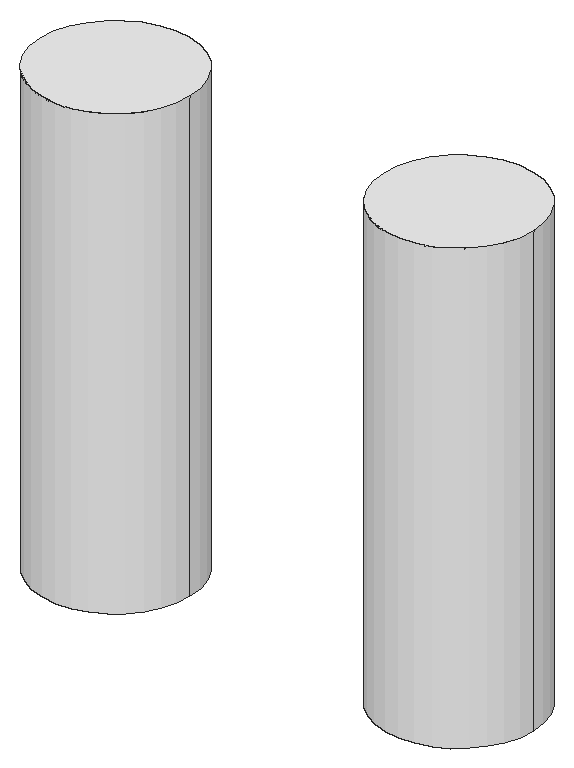
Revit family "56481103(2020)", category Plumbing Fixtures, Revit 2018
Family settings
  Round Connector Dimension = Use Diameter
  Part Type = Normal
  OmniClass Number = 23.45.55.00
  OmniClass Title = Sanitary Faucets, Wastes
  Work Plane-Based = No
  Always vertical = Yes
  Cut with Voids When Loaded = No
  Shared = No
  Room Calculation Point = No
Parameters (values of type "56481103 Kitchen faucet, low pressure ")
  Working Pressure = "50 - 500 kPa"
  WarrantyStartDate [instance] = "n/a"
  WarrantyGuarantorParts = "n/a"
  WarrantyGuarantorLabor = "n/a"
  WarrantyDurationUnit = "Year"
  WarrantyDurationParts = "n/a"
  WarrantyDurationLabor = "n/a"
  WarrantyDescription = "http://warranty.hansa.com"
  Warranty Information URL = "http://warranty.hansa.com"
  VersionDate = "01/07/2022"
  Version = "3"  # constant formula
  ValvePattern = "n/a"
  ValveOperation = "n/a"
  ValveMechanism = "n/a"
  Uniclass2015Reference = "Pr_40_20_87_96"
  Uniclass2015Description = "Washbasin manual water supply sets"
  Uniclass2 = "Pr_40_30_96_96"
  URL REACH = "http://static.hansa.com/doc/reach"
  URL Declaration of Conformity = "http://static.hansa.com/DoC/56481103"
  URL = ""
  UNSPSC Class Number = "30181700 Faucets or taps"
  TestPressure = "n/a"
  Temperature Adjustments = "Limitation option for maximum temperature and flow-rate ;Adjustable hot water stop (included, retrofittable)"
  Temperature = "Temperature limiter;Temperature limiter (retrofittable)"
  Technical DataSheet URL = "http://www.hansa.com/datasheet/56481103/en"
  TagNumber [instance] = "n/a"
  SustainabilityPerformance = "n/a"
  Surface treatment = "Chrome"
  Spout Type = "Swivel spout;Swivel range limiting option"
  Spout Swivel Range = "120°"
  Spout Projection = "215 mm"
  Spare-Part Information URL = "http://static.hansa.com/sp/56481103"
  Size = "50x255x170 mm"
  Shape = "Sculptured"
  SerialNumber [instance] = "n/a"
  Sales Package dimensions (LxWxH) = "754 x 334 x 63"
  Revision = "3"  # constant formula
  ReplacementCost = "n/a"
  ProductInformation = "n/a"
  Product URL = "http://static.hansa.com/56481103"
  Product Image URL = "http://static.hansa.com/image/56481103"
  Product Family = "HANSAPALENO "
  Product Code = "56481103"
  OperatingMechanismMaterial = "n/a"
  NominalWidth = 51 mm
  NominalHeight = 169 mm
  NominalDepth = 255 mm
  Noise Class = "I (ISO 3822)"
  Name_en = "56481103 Kitchen faucet, low pressure"
  Name = "56481103 Kitchen faucet, low pressure"
  NBSReference = "45-35-70/371"
  NBSDescription = "Water supply fittings for wash basins and troughs"
  Mounting Holes = "1 hole"
  ModelReference = "56481103"
  ModelNumber = "n/a"
  Model = "56481103 Kitchen faucet, low pressure"
  Mobile Product Information URL = "http://mpi.hansa.com/56481103"
  Mechanical Parts = "ø 35 mm ceramic cartridge for flow and temperature control"
  Max. Hot Water Supply = 70 °C
  Material = "Brass"
  Market = "International;Germany;Austria;Switzerland;France;Italy"
  ManufacturerURL = "http://www.hansa.com"
  ManufacturerName = "HANSA"
  Manufacturer = "HANSA"
  Lever Handle = "Hot/Cold symbols;Single operating lever/handle"
  Interactive AR View URL = "https://static.hansa.com/AR/56481103"
  InstallationDate [instance] = "n/a"
  Installation and Maintenance Guide URL = "http://static.hansa.com/manual/56481103"
  Installation Type = "Deck mounted"
  InletConnectionSize = 10 mm
  IfcExportType = "FAUCET"  # constant formula
  IfcExportAs = "IfcValveType"  # constant formula
  Group = "Kitchen faucet"
  Grade = "n/a"
  FlowCoefficient = 0
  Flow Rate At 300kPa = 0.12 L/s
  Flow Drawing URL = "http://static.hansa.com/flowchart/56481103"
  Finish = "Polished"
  Features = "Single-lever;Low pressure"
  FaucetMainMaterial = Brass
  FDV Document URL = "http://www.hansa.com/datasheet/56481103/en/fdv"
  ExpectedLife = "n/a"
  ETIM Class Number = "EC011431 Kitchen mixing tap"
  EN Standard = "EN 817"
  EAN Number = "4057304012389"
  DurationUnit = "Year"
  Dimension Drawing URL = "http://static.hansa.com/dimdrw/56481103"
  Description = ""
  DefaultElevation [instance] = 900 mm
  Constituents = "n/a"
  Connection Size = "G3/8"
  Connection = "Flexible inlet pipes"
  Color = "Chrome"
  CodePerformance = "n/a"
  CloseOffRating = 0
  Category = "Kitchen"
  Catalog Drawing URL = "http://static.hansa.com/catdrw/56481103"
  Brand = "HANSA"
  BodyMaterial = "Brass"
  Barcode [instance] = "n/a"
  Backflow Prevention EN1717 = "AA"
  BIMObjectName = "56481103(2020)"
  Author = "BIMStone"
  AssetType = "Fixed"
  AssetIdentifier [instance] = "n/a"
  Ambience photo = "http://static.hansa.com/ambience/56481103"
  Aerator = "Laminar stream;Standard aerator"
  Advanced Features = "Inner body made of DZR brass;3S-installation system for safe and simple mounting"
  AccessibilityPerformance = "n/a"
  3D View = "https://static.hansa.com/3D/56481103"
  2D/3D/BIM Files URL = "http://static.hansa.com/bim/56481103"
Reference planes
  plane 1 "Center (Front/Back)": y = 0
  plane 2: z = 0
  plane 3 "Center (Left/Right)": x = 0
  plane 4: x = -25.5
  plane 5: z = 1069
  plane 6: z = 900
  plane 7: z = 870
  plane 8: y = -255
  plane 9: x = 25.5
Forms (mm)
  Extrusion 1, solid, material "Brass" <- "FaucetMainMaterial"
    sketch origin (0, -2.614, 0) x (1, 0, 0) y (0, 1, 0)
      loop
        circle (-11.5, -22.5) r 5
      loop
        circle (11.5, -22.5) r 5
    from 870 to 900
Dimensions and locks
  "NominalHeight": plane 5 to plane 6
  "DefaultElevation": plane 6 to level
  locked: plane 6 to plane 7 at 30
  "NominalDepth": plane 8 to plane 1 "Center (Front/Back)"
  equal spacing: plane 4, plane 3 "Center (Left/Right)", plane 9
  "NominalWidth": plane 4 to plane 9
  "InletConnectionSize": diameter of Extrusion 1 sketch curve  (x2)
  aligned and locked: level to plane 2
  aligned and locked: plane 6 to Extrusion 1
  aligned and locked: Extrusion 1 to plane 7
  aligned and locked: nested 2 to plane 6
  aligned and locked: plane 3 "Center (Left/Right)" to nested 2
  aligned and locked: plane 3 "Center (Left/Right)" to nested 1
  aligned and locked: plane 1 "Center (Front/Back)" to nested 1
Automatic sketch dimensions
  Extrusion 1 sketch curve to plane 3 "Center (Left/Right)" = 11.5 mm
  plane 3 "Center (Left/Right)" to Extrusion 1 sketch curve = 11.5 mm
  plane 1 "Center (Front/Back)" to Extrusion 1 sketch curve = 25.114 mm
  Extrusion 1 sketch curve to Extrusion 1 sketch curve = 0 mm
Nested families
  nested 1: "Symbol" at (0, 0, 0), type "Symbol", detail levels coarse
  nested 2: "56481103_p" at (0, 0, 900), Material <- "FaucetMainMaterial", type "56481103_p"
    with Material Brass
Connectors
  piping at (-11.5, -25.114, 870), diameter 10, driven by "InletConnectionSize"
    settings: on Extrusion 1, index 1, connector inside diameter 609.6 mm, connector length 0 mm, flow factor 0, pipe flow 0.08 L/s, pressure drop 0.0 Pa, fitting loss kfactor 0, connector angle 0.00°, fixture units 0, engagement length 0 mm, angle of deflection 0.00°, flow configuration 1, flow direction 1, fitting loss method 0, system type 19, joint type 0, gender type 0, connector reference index -1, connector utility 0, adjustable connector no, is connector primary yes, connector description ""
  piping at (11.5, -25.114, 870), diameter 10, driven by "InletConnectionSize"
    settings: on Extrusion 1, index 2, connector inside diameter 609.6 mm, connector length 0 mm, flow factor 0, pipe flow 0.08 L/s, pressure drop 0.0 Pa, fitting loss kfactor 0, connector angle 0.00°, fixture units 0, engagement length 0 mm, angle of deflection 0.00°, flow configuration 1, flow direction 1, fitting loss method 0, system type 20, joint type 0, gender type 0, connector reference index -1, connector utility 0, adjustable connector no, is connector primary no, connector description ""
Definition of nested family "Symbol"
  Reference planes
    plane 1: y = 0
    plane 2: x = 0
  Lines and regions (mm)
    detail lines
      curve 1: line (0, 0, 0) -> (0, -1.8, 0)
      curve 2: line (-0.4, -1.1, 0) -> (0.4, -1.1, 0)
      curve 3: line (-0.4, -1.4, 0) -> (0.4, -1.4, 0)
      curve 4: line (0.863, 0, 0) -> (-0.863, 0, 0)
      curve 5: circle (-1.163, 0, 0) r 0.3 normal (0, 0, -1)
      curve 6: circle (1.163, 0, 0) r 0.3 normal (0, 0, 1)
Definition of nested family "56481103_p"
  Parameters (values of type "56481103_p")
    Material [instance] = none
  Reference planes
    plane 1 "Center (Front/Back)": y = 0
    plane 2: z = 0
    plane 3 "Center (Left/Right)": x = 0
  Forms (mm)
    Extrusion 1, solid, material <- "Material", detail levels coarse
      sketch origin (0, 0, -900) x (1, 0, 0) y (0, 1, 0)
        loop
          line (25.5, 0) -> (-25.5, 0) -> (-25.5, -255) -> (25.5, -255) -> (25.5, 0)
      from 900 to 1069
    Revolve 2, solid, material <- "Material", detail levels medium
      sketch origin (0, 0, 0) x (0, 1, 0) y (0, 0, 1)
        loop
          line (-25.5, 0) -> (0, 0) -> (0, 47.5) -> (-0.993, 123.96) -> (-2.721, 123.96)
          arc (-2.721, 123.96) -> (-3.769, 130.056) -> (-6.504, 135.604) r 21.584
          line (-6.504, 135.604) -> (-1.647, 137.869) -> (-4.456, 178.05) -> (-25.5, 178.05) -> (-25.5, 0)
        axis (-25.5, 0) -> (-25.5, 178.05)
      angle from 0 to 360
    Extrusion 3, void
      sketch origin (0, 0, 0) x (0, 1, 0) y (0, 0, 1)
        loop
          line (0, 181.8) -> (-238.453, 181.8) -> (0, 158.561) -> (0, 181.8)
      from 50 to -50
    Extrusion 4, solid, material <- "Material", detail levels medium
      sketch origin (0, 0, 0) x (0, 1, 0) y (0, 0, 1)
        loop
          line (-24.353, 160.934) -> (-66.863, 165.077)
          arc (-66.863, 165.077) -> (-89.016, 167.114) -> (-111.19, 168.909) r 2034.905
          arc (-111.19, 168.909) -> (-112.016, 168.7) -> (-112.549, 168.037) r 1.341
          arc (-112.549, 168.037) -> (-113.714, 162.728) -> (-113.384, 157.304) r 19.706
          arc (-113.384, 157.304) -> (-112.981, 156.601) -> (-112.238, 156.282) r 1.279
          line (-112.238, 156.282) -> (-24.353, 148.893) -> (-24.353, 160.934)
      from -6.884 to 7
    Extrusion 5, solid, material <- "Material", detail levels medium
      sketch origin (0, 0, 0) x (0, 1, 0) y (0, 0, 1)
        loop
          line (-33.571, 84.532) -> (-135.431, 132.03)
          arc (-135.431, 132.03) -> (-162.315, 142.283) -> (-190.393, 148.572) r 200
          line (-190.393, 148.572) -> (-248.818, 157.304)
          arc (-248.818, 157.304) -> (-251.086, 156.882) -> (-252.314, 154.93) r 2.875
          line (-252.314, 154.93) -> (-255, 137.009) -> (-252.234, 136.594) -> (-228.497, 133.037) -> (-225.321, 132.561) -> (-225.171, 133.561) -> (-193.277, 128.781)
          arc (-193.277, 128.781) -> (-168.045, 123.121) -> (-143.883, 113.904) r 180
          line (-143.883, 113.904) -> (-33.929, 62.631) -> (-33.571, 84.532)
      from 15 to -15
    Revolve 6, solid, material <- "Material", detail levels medium
      sketch origin (0, 0, 0) x (0, 1, 0) y (0, 0, 1)
        loop
          line (-241.031, 130.375) -> (-229.163, 128.596) -> (-227.868, 137.236) -> (-239.736, 139.015) -> (-241.031, 130.375)
        axis (-239.736, 139.015) -> (-241.031, 130.375)
      angle from 0 to 360
  Cuts and joins
    Extrusion 3 cuts Revolve 2
    joined: Revolve 2, Extrusion 4, Extrusion 5, Revolve 6
  Lines and regions (mm)
    symbolic lines, detail levels medium+fine
      curve 1: line (0, 0, 0) -> (0, -51, 0)
      curve 2: line (0, -51, 0) -> (0, -51, 47.5)
      curve 3: line (0, -50.702, 70.453) -> (0, -143.883, 113.904)
      curve 4: arc (0, -143.883, 113.904) -> (0, -168.045, 123.121) -> (0, -193.277, 128.781) r 180
      curve 5: line (0, -193.277, 128.781) -> (0, -225.171, 133.561)
      curve 6: line (0, -229.163, 128.596) -> (0, -228.497, 133.037)
      curve 7: line (0, -252.234, 136.594) -> (0, -252.899, 132.154)
      curve 8: line (0, -252.899, 132.154) -> (0, -229.163, 128.596)
      curve 10: line (0, -225.321, 132.561) -> (0, -225.171, 133.561)
      curve 11: line (0, -252.234, 136.594) -> (0, -255, 137.009)
      curve 12: line (0, -255, 137.009) -> (0, -252.314, 154.93)
      curve 13: arc (0, -252.314, 154.93) -> (0, -251.086, 156.882) -> (0, -248.818, 157.304) r 2.875
      curve 14: line (0, -248.818, 157.304) -> (0, -190.393, 148.572)
      curve 15: arc (0, -190.393, 148.572) -> (0, -162.315, 142.283) -> (0, -135.431, 132.03) r 200
      curve 16: line (0, -135.431, 132.03) -> (0, -54.465, 94.275)
      curve 17: arc (0, -54.465, 94.275) -> (0, -52.475, 93.474) -> (0, -50.41, 92.892) r 19.937
      curve 18: line (0, -50.007, 123.96) -> (0, -50.41, 92.892)
      curve 19: line (0, -50.702, 70.453) -> (0, -51, 47.5)
      curve 20: line (0, 0, 0) -> (0, 0, 47.5)
      curve 21: line (0, -0.993, 123.96) -> (0, 0, 47.5)
      curve 23: line (0, -228.497, 133.037) -> (0, -225.321, 132.561)
      curve 24: line (0, -0.993, 123.96) -> (0, -2.721, 123.96)
      curve 25: line (0, -49.846, 126.8) -> (0, -48.006, 126.8)
      curve 27: line (0, -48.304, 123.96) -> (0, -48.006, 126.8)
      curve 28: arc (0, -6.504, 135.604) -> (0, -3.769, 130.056) -> (0, -2.721, 123.96) r 21.584
      curve 29: line (0, -6.504, 135.604) -> (0, -1.968, 137.719)
      curve 31: line (0, -48.304, 123.96) -> (0, -50.007, 123.96)
      curve 33: line (25.5, 0, 0) -> (-25.5, 0, 0)
      curve 34: line (-25.5, 0, 0) -> (-25.5, 0, 47.56)
      curve 35: line (-25.5, 0, 47.56) -> (-24.495, 0, 123.96)
      curve 36: line (-24.362, 0, 126.797) -> (-22.506, 0, 126.797)
      curve 37: line (-24.495, 0, 123.96) -> (-22.754, 0, 123.96)
      curve 38: line (-24.362, 0, 126.797) -> (-24.362, 0, 159.425)
      curve 39: line (-22.506, 0, 126.797) -> (-22.754, 0, 123.96)
      curve 43: line (25.5, 0, 47.56) -> (24.495, 0, 123.96)
      curve 44: line (24.362, 0, 126.797) -> (22.506, 0, 126.797)
      curve 45: line (24.495, 0, 123.96) -> (22.754, 0, 123.96)
      curve 46: line (22.506, 0, 126.797) -> (22.754, 0, 123.96)
      curve 59: line (-15, -239.534, 0) -> (-15, -59.645, 0)
      curve 60: line (15, -239.534, 0) -> (15, -59.645, 0)
      curve 61: spline (-15, -239.534, 0) -> (-14.489, -243.537, 0) -> (-12.99, -247.267, 0) -> (-10.607, -250.47, 0) -> (-7.5, -252.928, 0) -> (-3.882, -254.473, 0) -> (0, -255, 0) -> (3.882, -254.473, 0) -> (7.5, -252.928, 0) -> (10.607, -250.47, 0) -> (12.99, -247.267, 0) -> (14.489, -243.537, 0) -> (15, -239.534, 0)
      curve 63: line (-15, -59.645, 0) -> (-15.824, -46.935, 0)
      curve 64: line (15, -59.645, 0) -> (15.824, -46.935, 0)
      curve 66: arc (20.377, -40.847, 0) -> (-0.397, -0.021, 0) -> (-19.855, -41.49, 0) r 25.494
      curve 72: line (25.5, 0, 0) -> (25.5, 0, 47.56)
      curve 73: arc (0, -1.968, 137.719) -> (0, -2.673, 147.695) -> (0, -3.725, 157.641) r 286.926
      curve 74: arc (0, -3.725, 157.641) -> (0, -4.361, 158.844) -> (0, -5.635, 159.321) r 1.914
      curve 75: arc (0, -5.635, 159.321) -> (0, -7.676, 159.362) -> (0, -9.712, 159.508) r 39.722
      curve 76: line (0, -9.712, 159.508) -> (0, -66.863, 165.077)
      curve 77: arc (0, -66.863, 165.077) -> (0, -89.016, 167.114) -> (0, -111.19, 168.909) r 2034.905
      curve 78: arc (0, -111.19, 168.909) -> (0, -112.016, 168.7) -> (0, -112.549, 168.037) r 1.341
      curve 79: arc (0, -112.549, 168.037) -> (0, -113.714, 162.728) -> (0, -113.384, 157.304) r 19.706
      curve 80: arc (0, -113.384, 157.304) -> (0, -112.981, 156.601) -> (0, -112.238, 156.282) r 1.279
      curve 81: line (0, -58.165, 151.736) -> (0, -112.238, 156.282)
      curve 82: arc (0, -58.165, 151.736) -> (0, -53.266, 149.408) -> (0, -51.115, 144.429) r 7.704
      curve 83: line (0, -51.115, 144.429) -> (0, -49.846, 126.8)
      curve 84: arc (-19.855, -41.49, 0) -> (-17.785, -44.172, 0) -> (-15.824, -46.935, 0) r 84.427
      curve 85: arc (20.377, -40.847, 0) -> (18.032, -43.84, 0) -> (15.824, -46.935, 0) r 84.427
      curve 96: arc (-24.362, 0, 159.425) -> (-23.949, 0, 160.642) -> (-22.882, 0, 161.356) r 1.999
      curve 97: arc (-22.882, 0, 161.356) -> (-15.145, 0, 163.149) -> (-7.302, 0, 164.402) r 114.564
      curve 98: arc (-6.706, 0, 167.144) -> (-7.042, 0, 165.781) -> (-7.302, 0, 164.402) r 25.706
      curve 99: arc (-6.706, 0, 167.144) -> (-6.123, 0, 168.093) -> (-5.123, 0, 168.583) r 2
      curve 104: line (24.362, 0, 126.797) -> (24.362, 0, 159.425)
      curve 105: arc (22.882, 0, 161.356) -> (15.145, 0, 163.149) -> (7.302, 0, 164.402) r 114.564
      curve 106: arc (6.706, 0, 167.144) -> (7.042, 0, 165.781) -> (7.302, 0, 164.402) r 25.706
      curve 107: arc (6.706, 0, 167.144) -> (6.123, 0, 168.093) -> (5.123, 0, 168.583) r 2
      curve 112: arc (-5.123, 0, 168.583) -> (0, 0, 169.029) -> (5.123, 0, 168.583) r 29.678
      curve 115: arc (24.362, 0, 159.425) -> (23.949, 0, 160.642) -> (22.882, 0, 161.356) r 1.999
    symbolic lines, detail levels fine
      curve 9: line (0, -252.234, 136.594) -> (0, -228.497, 133.037)
      curve 22: line (0, 0, 47.5) -> (0, -51, 47.5)
      curve 26: line (0, -25.383, 126.8) -> (0, -6.504, 135.604)
      curve 30: line (0, -48.006, 126.8) -> (0, -25.383, 126.8)
      curve 32: line (0, -2.721, 123.96) -> (0, -48.304, 123.96)
      curve 40: line (-15, 0, 70.474) -> (-15, 0, 154.085)
      curve 41: line (-22.506, 0, 126.797) -> (-15, 0, 126.797)
      curve 42: line (-22.754, 0, 123.96) -> (-15, 0, 123.96)
      curve 47: line (22.506, 0, 126.797) -> (15, 0, 126.797)
      curve 48: line (22.754, 0, 123.96) -> (15, 0, 123.96)
      curve 49: line (-25.5, 0, 47.56) -> (25.5, 0, 47.56)
      curve 50: spline (-15, 0, 154.085) -> (-14.489, 0, 154.949) -> (-12.99, 0, 155.755) -> (-10.607, 0, 156.447) -> (-7.5, 0, 156.978) -> (-3.882, 0, 157.312) -> (0, 0, 157.426) -> (3.882, 0, 157.312) -> (7.5, 0, 156.978) -> (10.607, 0, 156.447) -> (12.99, 0, 155.755) -> (14.489, 0, 154.949) -> (15, 0, 154.085)
      curve 51: arc (-13.012, 0, 68.978) -> (-14.379, 0, 69.231) -> (-15, 0, 70.474) r 1.557
      curve 52: arc (13.012, 0, 68.978) -> (14.379, 0, 69.231) -> (15, 0, 70.474) r 1.557
      curve 53: arc (-13.012, 0, 68.978) -> (0, 0, 70.816) -> (13.012, 0, 68.978) r 47.003
      curve 54: spline (11.961, 0, 130.3) -> (11.554, 0, 129.845) -> (10.359, 0, 129.421) -> (8.458, 0, 129.058) -> (5.981, 0, 128.778) -> (3.096, 0, 128.603) -> (0, 0, 128.543) -> (-3.096, 0, 128.603) -> (-5.981, 0, 128.778) -> (-8.458, 0, 129.058) -> (-10.359, 0, 129.421) -> (-11.554, 0, 129.845) -> (-11.961, 0, 130.3) -> (-11.554, 0, 130.754) -> (-10.359, 0, 131.178) -> (-8.458, 0, 131.542) -> (-5.981, 0, 131.821) -> (-3.096, 0, 131.997) -> (0, 0, 132.056) -> (3.096, 0, 131.997) -> (5.981, 0, 131.821) -> (8.458, 0, 131.542) -> (10.359, 0, 131.178) -> (11.554, 0, 130.754) -> (11.961, 0, 130.3)
      curve 55: spline (-11.961, 0, 134.779) -> (-11.554, 0, 135.234) -> (-10.359, 0, 135.658) -> (-8.458, 0, 136.021) -> (-5.981, 0, 136.301) -> (-3.096, 0, 136.476) -> (0, 0, 136.536) -> (3.096, 0, 136.476) -> (5.981, 0, 136.301) -> (8.458, 0, 136.021) -> (10.359, 0, 135.658) -> (11.554, 0, 135.234) -> (11.961, 0, 134.779)
      curve 56: line (-11.961, 0, 130.3) -> (-11.961, 0, 134.779)
      curve 57: line (11.961, 0, 134.779) -> (11.961, 0, 130.3)
      curve 58: spline (11.961, 0, 133.769) -> (14.424, 0, 134.526) -> (14.937, 0, 135.369) -> (13.431, 0, 136.183) -> (10.109, 0, 136.859) -> (5.421, 0, 137.304) -> (0, 0, 137.46) -> (-5.421, 0, 137.304) -> (-10.109, 0, 136.859) -> (-13.431, 0, 136.183) -> (-14.937, 0, 135.369) -> (-14.424, 0, 134.526) -> (-11.961, 0, 133.769)
      curve 62: spline (-15, -239.534, 0) -> (-14.489, -242.782, 0) -> (-12.99, -245.808, 0) -> (-10.607, -248.407, 0) -> (-7.5, -250.401, 0) -> (-3.882, -251.655, 0) -> (0, -252.082, 0) -> (3.882, -251.655, 0) -> (7.5, -250.401, 0) -> (10.607, -248.407, 0) -> (12.99, -245.808, 0) -> (14.489, -242.782, 0) -> (15, -239.534, 0)
      curve 65: line (15, 0, 70.474) -> (15, 0, 154.085)
      curve 67: line (0, -50.41, 92.892) -> (0, -47.092, 92.003)
      curve 68: line (0, -45.434, 90.064) -> (0, -45.434, 70.064)
      curve 69: line (0, -50.702, 70.453) -> (0, -46.792, 68.63)
      curve 70: arc (0, -45.434, 70.064) -> (0, -45.827, 69.076) -> (0, -46.792, 68.63) r 1.436
      curve 71: arc (0, -47.092, 92.003) -> (0, -45.905, 91.34) -> (0, -45.434, 90.064) r 1.963
      curve 86: arc (-15.824, -46.935, 0) -> (-13.337, -50.642, 0) -> (-10.897, -54.379, 0) r 361.34
      curve 87: line (-6.832, -111.128, 0) -> (-7.6, -67.128, 0)
      curve 88: arc (-7.6, -67.128, 0) -> (-8.494, -60.559, 0) -> (-10.897, -54.379, 0) r 28.215
      curve 89: arc (15.824, -46.935, 0) -> (13.337, -50.642, 0) -> (10.897, -54.379, 0) r 361.34
      curve 90: line (6.834, -111.047, 0) -> (7.6, -67.128, 0)
      curve 91: arc (7.6, -67.128, 0) -> (8.494, -60.559, 0) -> (10.897, -54.379, 0) r 28.215
      curve 92: arc (-5.305, -113.036, 0) -> (0.022, -113.653, 0) -> (5.339, -112.948, 0) r 21.772
      curve 93: arc (-5.305, -113.036, 0) -> (-6.394, -112.343, 0) -> (-6.832, -111.128, 0) r 2
      curve 94: arc (5.339, -112.948, 0) -> (6.406, -112.249, 0) -> (6.834, -111.047, 0) r 2
      curve 95: arc (-19.855, -41.49, 0) -> (-0.358, -2.435, 0) -> (20.377, -40.847, 0) r 24.594
      curve 100: line (-15, 0, 146.797) -> (-17.006, 0, 146.797)
      curve 101: line (-21.056, 0, 160.238) -> (-21.056, 0, 150.847)
      curve 102: arc (-21.056, 0, 150.847) -> (-19.87, 0, 147.983) -> (-17.006, 0, 146.797) r 4.049
      curve 103: arc (-20.406, 0, 161.991) -> (-20.888, 0, 161.173) -> (-21.056, 0, 160.238) r 2.69
      curve 108: line (15, 0, 146.797) -> (17.006, 0, 146.797)
      curve 109: line (21.056, 0, 160.238) -> (21.056, 0, 150.847)
      curve 110: arc (21.056, 0, 150.847) -> (19.87, 0, 147.983) -> (17.006, 0, 146.797) r 4.049
      curve 111: arc (20.406, 0, 161.991) -> (20.888, 0, 161.173) -> (21.056, 0, 160.238) r 2.69
      curve 113: arc (-7.302, 0, 164.402) -> (-7.626, 0, 160.699) -> (-7.412, 0, 156.989) r 25.706
      curve 114: arc (7.302, 0, 164.402) -> (7.626, 0, 160.699) -> (7.412, 0, 156.989) r 25.706
  Dimensions and locks
    aligned and locked: level to plane 2
